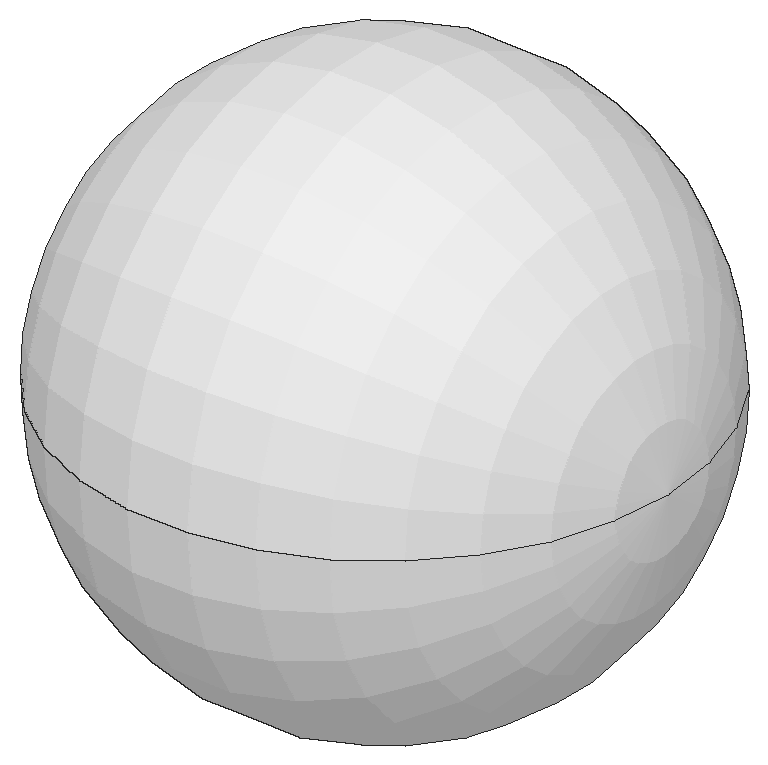
Revit family "Deca_Misturador monocomando de mesa bica baixa para lavatório_Drop_2875.91", category Plumbing Fixtures, host Face, Revit 2019
Family settings
  Host = Face
  Round Connector Dimension = Use Radius
  Part Type = Normal
  Cut with Voids When Loaded = No
  Shared = No
  Room Calculation Point = No
Parameters (values of type "2875.C91_Cromado")
  WFU = 0
  Vazão na Pressão mín. (L/min) = "5 l/min"
  Vazão na Pressão máx. (L/min) = "12 l/min"
  URL = "www.deca.com.br"
  Tipo de rosca de saída = "-"
  Tipo de rosca de entrada = "BSP NBR 8133"
  Tipo de mecanismo utilizado = "Cartucho Monocomando"
  Tipo de dispositivo economizador = "Sim"
  Segmento = "Banheiro Médio"
  Saída de Esgoto = "-"
  Raio Água Quente = 7.5 mm  # constant formula
  Raio Água Fria = 7.5 mm  # constant formula
  Pressão mín. funcionamento = "2 MCA"
  Pressão mín. Aquec. Passagem = "10 MCA"
  Pressão mín. Aquec. Acúmulo = "2 MCA"
  Pressão máx. funcionamento = "40 MCA"
  Peso Líquido (Kg) = 1.63
  Norma = "NBR16749"
  Model = "2875.C91"
  Material = Deca_Cromado
  Manufacturer = "Deca"
  Linha = "Monoc. Drop"
  Itens de Instalação = "-"
  Informações Complementares = "-"
  HWFU = 0
  Diâmetro Água Quente = 2 * Raio Água Quente  # 15 mm
  Diâmetro Água Fria = 2 * Raio Água Fria  # 15 mm
  Description = "Misturador monocomando de mesa bica baixa para lavatório"
  Default Elevation = 0 mm
  Código Pai = "2875.91"
  Criado por = "quattroD"
  Cores Componente = "-"
  Cor Secundária = "-"
  Cor Principal = "Cromado"
  Cor Interna = "-"
  Consumo = "-"
  Composição Componente = "-"
  Composição Básica = "Liga de Cobre (bronze e latão),Plásticos de Engenharia,Elastômeros"
  Composição Assento = "-"
  Composição Anel Vedação = "-"
  Categoria = "METAIS PARA BANHEIRO"
  CWFU = 0
  Atendimento ao Cliente = "0800-0117073"
  Assembly Code = ""
  Aprovado por = "quattroD"
  Acompanha o Produto = "Acompanha Deca confort + Ligação Flexivel"
Reference planes
  plane 1 "Center (Front/Back)": y = 0.015
  plane 2: z = 0
  plane 3 "Center (Left/Right)": x = 0.001
  plane 4: y = 23.015
  plane 5: x = -22.999
  plane 6: y = -22.985
  plane 7: x = 23.001
  plane 8: x = -10.282
Forms (mm)
  Revolve 1, solid, material "Deca_Cromado" <- "Material"
    sketch origin (0, 0.364, 111.999) x (0, -1, 0) y (1, 0, 0)
      loop
        arc (0.158, -16.425) -> (16.596, 0.013) -> (0.158, 16.452) r 16.438
        line (0.158, 16.452) -> (0.158, -16.425)
      axis (0.158, -16.425) -> (0.158, 16.452)
    angle from 0 to 360
Lines and regions (mm)
  Masking region 1
    outline origin (-0.942, -5.343, 0) x (1, 0, 0) y (0, 1, 0)
      loop
        arc (-19.057, -112.642) -> (0.943, -132.642) -> (20.943, -112.642) r 20
        line (20.943, -112.642) -> (20.943, -5.999)
        arc (20.943, -5.999) -> (0.943, 28.358) -> (-19.057, -5.999) r 23
        line (-19.057, -5.999) -> (-19.057, -112.642)
  Masking region 2
    outline origin (-1.095, 0.015, 0) x (1, 0, 0) y (0, 0, 1)
      loop
        arc (17.706, 115.3) -> (17.675, 116.165) -> (17.583, 117.026) r 12.149
        line (17.583, 117.026) -> (21.096, 117.026) -> (21.096, 146.026) -> (-18.904, 146.026) -> (-18.904, 117.026) -> (-15.391, 117.026)
        arc (-15.391, 117.026) -> (-15.483, 116.165) -> (-15.514, 115.3) r 12.149
        line (-15.514, 115.3) -> (-15.514, 112) -> (-18.904, 112) -> (-18.904, 96) -> (-18.904, 81) -> (-18.904, 5) -> (-21.904, 5) -> (-21.904, 0) -> (24.096, 0) -> (24.096, 5) -> (21.096, 5) -> (21.096, 81) -> (21.096, 96) -> (21.096, 112) -> (17.706, 112) -> (17.706, 115.3)
  Masking region 3
    outline origin (0.001, -5.523, -0.001) x (0, 1, 0) y (0, 0, 1)
      loop
        line (-11.085, 115.3) -> (-11.085, 112) -> (-132.475, 112) -> (-132.475, 96) -> (-29.475, 96)
        arc (-29.475, 96) -> (-18.869, 91.607) -> (-14.475, 81) r 15
        line (-14.475, 81) -> (-14.475, 5) -> (-17.475, 5) -> (-17.475, 0) -> (28.525, 0) -> (28.525, 5) -> (25.525, 5) -> (25.525, 67.25) -> (25.525, 73.75) -> (25.525, 112) -> (22.135, 112) -> (22.135, 115.3)
        arc (22.135, 115.3) -> (21.82, 118.05) -> (20.89, 120.657) r 12.149
        line (20.89, 120.657) -> (26.102, 123.088) -> (26.102, 134.105) -> (26.102, 146.026) -> (-73.898, 146.026) -> (-73.898, 141.026) -> (-14.835, 141.026) -> (-14.835, 117.026) -> (-10.962, 117.026)
        arc (-10.962, 117.026) -> (-11.054, 116.165) -> (-11.085, 115.3) r 12.149
  symbolic lines, style "PlumbingFixtures"
    curve 1: arc (-19.999, -59.407, 0) -> (0.001, -79.407, 0) -> (20.001, -59.407, 0) r 20
    curve 2: arc (20.001, 0.593, 0) -> (0.001, 20.593, 0) -> (-19.999, 0.593, 0) r 20
    curve 3: arc (-19.999, -117.985, 0) -> (0.001, -137.985, 0) -> (20.001, -117.985, 0) r 20
    curve 4: line (20.001, -117.985, 0) -> (20.001, 0.593, 0)
    curve 5: line (-19.999, -117.985, 0) -> (-19.999, 0.593, 0)
    curve 6: arc (20.001, -11.342, 0) -> (0.001, 23.015, 0) -> (-19.999, -11.342, 0) r 23
    curve 7: arc (16.612, 0.015, 115.3) -> (16.581, 0.015, 116.165) -> (16.488, 0.015, 117.026) r 12.149
    curve 8: arc (-16.485, 0.015, 117.026) -> (-16.578, 0.015, 116.165) -> (-16.608, 0.015, 115.3) r 12.149
    curve 9: line (20.002, 0.015, 96) -> (20.002, 0.015, 81)
    curve 10: line (-19.998, 0.015, 96) -> (-19.998, 0.015, 81)
    curve 11: line (-4.267, 0.015, 94.87) -> (-8.901, 0.015, 94.87)
    curve 12: line (8.904, 0.015, 94.87) -> (-4.267, 0.015, 94.87)
    curve 13: line (-16.608, 0.015, 112) -> (-16.608, 0.015, 115.3)
    curve 14: line (16.612, 0.015, 112) -> (16.612, 0.015, 115.3)
    curve 15: line (20.002, 0.015, 141.026) -> (-19.998, 0.015, 141.026)
    curve 16: line (-19.998, 0.015, 146.026) -> (20.002, 0.015, 146.026)
    curve 17: line (20.002, 0.015, 146.026) -> (20.002, 0.015, 117.026)
    curve 18: line (20.002, 0.015, 117.026) -> (-19.998, 0.015, 117.026)
    curve 19: line (-19.998, 0.015, 117.026) -> (-19.998, 0.015, 146.026)
    curve 20: line (-19.998, 0.015, 96) -> (-19.998, 0.015, 112)
    curve 21: line (-19.998, 0.015, 112) -> (20.002, 0.015, 112)
    curve 22: line (20.002, 0.015, 112) -> (20.002, 0.015, 96)
    curve 23: line (20.002, 0.015, 96) -> (-19.998, 0.015, 96)
    curve 24: line (-19.998, 0.015, 5) -> (-19.998, 0.015, 81)
    curve 25: line (20.002, 0.015, 5) -> (20.002, 0.015, 81)
    curve 26: line (-22.998, 0.015, 5) -> (-22.998, 0.015, 0)
    curve 27: line (-22.998, 0.015, 0) -> (23.002, 0.015, 0)
    curve 28: line (23.002, 0.015, 0) -> (23.002, 0.015, 5)
    curve 29: line (23.002, 0.015, 5) -> (-22.998, 0.015, 5)
    curve 30: line (-8.901, 0.015, 94.87) -> (-9.121, 0.015, 96)
    curve 31: line (8.904, 0.015, 94.87) -> (9.124, 0.015, 96)
    curve 32: arc (0.001, -16.608, 115.299) -> (0.001, -16.577, 116.164) -> (0.001, -16.485, 117.025) r 12.149
    curve 33: arc (0.001, 15.367, 120.656) -> (0.001, 16.297, 118.049) -> (0.001, 16.612, 115.299) r 12.149
    curve 34: line (0.001, 20.579, 138.61) -> (0.001, 20.552, 134.373)
    curve 35: line (0.001, -28.721, 95.999) -> (0.001, 0.002, 80.999)
    curve 36: line (0.001, 20.002, 73.749) -> (0.001, 20.002, 67.249)
    curve 37: arc (0.001, -34.998, 95.999) -> (0.001, -24.392, 91.606) -> (0.001, -19.998, 80.999) r 15
    curve 38: line (0.001, -125.811, 94.869) -> (0.001, -109.096, 94.869)
    curve 39: line (0.001, -126.901, 94.869) -> (0.001, -125.811, 94.869)
    curve 40: spline (0.001, -113.237, 94.46) -> (0.001, -113.995, 94.379) -> (0.001, -114.876, 94.314) -> (0.001, -115.853, 94.265) -> (0.001, -116.896, 94.235) -> (0.001, -117.974, 94.225) -> (0.001, -119.051, 94.234) -> (0.001, -120.097, 94.263) -> (0.001, -121.078, 94.311) -> (0.001, -121.964, 94.376) -> (0.001, -122.728, 94.456) -> (0.001, -123.346, 94.549) -> (0.001, -123.799, 94.651)
    curve 41: spline (0.001, -123.819, 94.657) -> (0.001, -123.873, 94.674) -> (0.001, -123.923, 94.692) -> (0.001, -123.968, 94.709) -> (0.001, -124.008, 94.726) -> (0.001, -124.044, 94.744) -> (0.001, -124.075, 94.762) -> (0.001, -124.101, 94.779) -> (0.001, -124.123, 94.797) -> (0.001, -124.139, 94.815) -> (0.001, -124.151, 94.833) -> (0.001, -124.158, 94.851) -> (0.001, -124.161, 94.869)
    curve 42: spline (0.001, -111.835, 94.869) -> (0.001, -111.837, 94.852) -> (0.001, -111.844, 94.836) -> (0.001, -111.854, 94.819) -> (0.001, -111.868, 94.803) -> (0.001, -111.886, 94.786) -> (0.001, -111.909, 94.77) -> (0.001, -111.935, 94.754) -> (0.001, -111.966, 94.737) -> (0.001, -112, 94.721) -> (0.001, -112.039, 94.705) -> (0.001, -112.081, 94.689) -> (0.001, -112.127, 94.673)
    curve 43: spline (0.001, -112.211, 94.648) -> (0.001, -112.269, 94.632) -> (0.001, -112.332, 94.616) -> (0.001, -112.398, 94.6) -> (0.001, -112.469, 94.584) -> (0.001, -112.544, 94.569) -> (0.001, -112.622, 94.554) -> (0.001, -112.704, 94.539) -> (0.001, -112.791, 94.525) -> (0.001, -112.88, 94.51) -> (0.001, -112.974, 94.496) -> (0.001, -113.071, 94.482) -> (0.001, -113.171, 94.469)
    curve 44: line (0.001, -109.096, 94.869) -> (0.001, -108.875, 95.999)
    curve 45: line (0.001, -126.901, 94.869) -> (0.001, -127.121, 95.999)
    curve 46: line (0.001, 16.612, 111.999) -> (0.001, 16.612, 115.299)
    curve 47: line (0.001, -16.608, 111.999) -> (0.001, -16.608, 115.299)
    curve 48: line (0.001, 0.579, 141.025) -> (0.001, -79.421, 141.025)
    curve 49: line (0.001, -79.421, 141.025) -> (0.001, -79.421, 146.025)
    curve 50: line (0.001, -79.421, 146.025) -> (0.001, 20.579, 146.025)
    curve 51: line (0.001, 20.579, 146.025) -> (0.001, 20.579, 138.61)
    curve 52: line (0.001, 20.579, 134.104) -> (0.001, 20.579, 123.087)
    curve 53: line (0.001, 20.579, 123.087) -> (0.001, 7.579, 117.025)
    curve 54: line (0.001, 7.579, 117.025) -> (0.001, -19.421, 117.025)
    curve 55: line (0.001, -19.421, 117.025) -> (0.001, -19.421, 141.025)
    curve 56: line (0.001, -28.721, 95.999) -> (0.001, -137.998, 95.999)
    curve 57: line (0.001, -137.998, 95.999) -> (0.001, -137.998, 111.999)
    curve 58: line (0.001, -137.998, 111.999) -> (0.001, 20.002, 111.999)
    curve 59: line (0.001, 20.002, 111.999) -> (0.001, 20.002, 73.749)
    curve 60: line (0.001, 20.002, 4.999) -> (0.001, 20.002, 67.249)
    curve 61: line (0.001, -19.998, 4.999) -> (0.001, -19.998, 80.999)
    curve 62: line (0.001, 23.002, 4.999) -> (0.001, 23.002, -0.001)
    curve 63: line (0.001, 23.002, -0.001) -> (0.001, -22.998, -0.001)
    curve 64: line (0.001, -22.998, -0.001) -> (0.001, -22.998, 4.999)
    curve 65: line (0.001, -22.998, 4.999) -> (0.001, 23.002, 4.999)
  symbolic lines
    curve 66: arc (-7.716, 0.015, 94.87) -> (0.003, 0.015, 93.67) -> (7.722, 0.015, 94.87) r 25.427
Dimensions and locks
  aligned and locked: host face to plane 2
  aligned and locked: level to host face
Connectors
  piping at (-10.284, 0.015, 0), diameter 15, driven by "Raio Água Quente"
    settings: on free form element, index 1, connector inside diameter 24", connector length 0 mm, flow factor 0, pipe flow 0 GPM, pressure drop 0.00 psi, fitting loss kfactor 0, connector angle 0.00°, fixture units 0, engagement length 0 mm, angle of deflection 0.00°, flow configuration 3, flow direction 1, fitting loss method 4, system type 19, joint type 0, gender type 0, connector reference index -1, connector utility 0, adjustable connector no, is connector primary yes, connector description ""
  piping at (10.283, 0.015, 0), diameter 15, driven by "Raio Água Fria"
    settings: on free form element, index 2, connector inside diameter 24", connector length 0 mm, flow factor 0, pipe flow 0 GPM, pressure drop 0.00 psi, fitting loss kfactor 0, connector angle 0.00°, fixture units 0, engagement length 0 mm, angle of deflection 0.00°, flow configuration 3, flow direction 1, fitting loss method 4, system type 20, joint type 0, gender type 0, connector reference index -1, connector utility 0, adjustable connector no, is connector primary no, connector description ""
